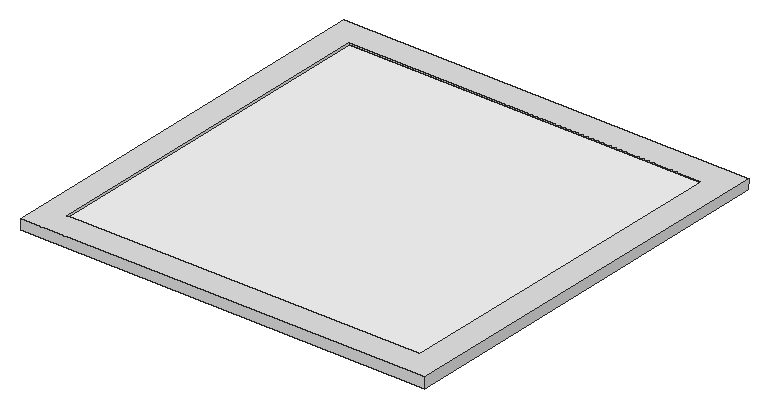
Revit family "LUXI_PANEL LIGHT_IP", category Apparecchi per illuminazione, host Superficie, Revit 2016
Family settings
  Host = Superficie
  Tipo di parte = Normale
  Quota connettore circolare = Usa diametro
  Numero OmniClass = 23.80.70.00
  Titolo OmniClass = Lighting
  Taglio con vuoti quando caricato = No
  Sorgente d'illuminazione = Sì
  Condiviso = No
  Punto di calcolo locali = Sì
Parameters (values of type "LPIP036660W840D")
  Wattage = 24.2356 W
  Vita utile = "L70B20 60.000ore"  # constant formula
  Variazione temperatura colore lampada con luminosità attenuata = <Nessuno>
  Uniclass 2015 Descrizione = "Lighting"  # constant formula
  Uniclass 2015 Codice = "EF_70_80"  # constant formula
  URL = "https://www.luxi.lighting/"
  Tipologie di installazione = "Incasso / plafone / sospensione"  # constant formula
  Temperatura di esercizio = "0°C / +40°C"  # constant formula
  built-in parameter 1150107 = 4000 (stored number, unit not read)
  Step MacAdam (SDCM) = "<4"  # constant formula
  Sorgente = "LED SMD"  # constant formula
  Sistema di illuminazione = "Luce indiretta (edge light)"  # constant formula
  Simbolo [instance] = yes
  Revisione = "3"  # constant formula
  Rendi la forma visibile nel rendering = no
  Regolazione del flusso luminoso = "1-10V / DALI / PUSH DIM"  # constant formula
  Protezione agli urti = "IK06 (1 Joule)"  # constant formula
  Prospetto di default = 2000 mm
  Produttore = "Luxi Illuminazione S.r.l."  # constant formula
  Potenza = 36 W
  Peso = 3.20 kg
  built-in parameter 1150110 = 1 (stored number, unit not read)
  built-in parameter 1150109 = 1 (stored number, unit not read)
  built-in parameter 1114218 = 1 (stored number, unit not read)
  built-in parameter 1150112 = 1 (stored number, unit not read)
  Ottiche = "Pannello diffondente opalino"  # constant formula
  OFF2 = 4 mm
  OFF1 = 38 mm
  Modello = "Serie IP | Panel Light"  # constant formula
  built-in parameter 1150137 = 1
  built-in parameter 1150132 = 2
  Materiale 3 = Lamiera Acciaio
  Materiale 2 = Alluminio Estruso_Bianco
  Materiale 1 = Tecnopolimero Opale Alta Trasmittanza
  Masterformat 2016 Descrizione = "Lighting"  # constant formula
  Masterformat 2016 Codice = "26.50.00"  # constant formula
  Lunghezza = 595 mm
  Larghezza = 595 mm
  built-in parameter 1150105 = 286.48 (stored number, unit not read)
  built-in parameter 1150102 = (empty or 0)
  Indice di resa cromatica = "≥80 (typ.)"  # constant formula
  built-in parameter 1150106 = 2.8648 (stored number, unit not read)
  IFCExportAs = "IFCLightFixtureType"  # constant formula
  OFF3 = 11 mm
  H = 15 mm
  Grado di protezione = "IP65"  # constant formula
  Garanzia = "5 anni"  # constant formula
  Lumens = 3600 lm
  Color Filter = 16777215
  File diagramma fotometrico = "LPIP036660W840D Luxi Serie IP 36W 595x595 4000K IP65.IES"
  built-in parameter 1114217 = 1 (stored number, unit not read)
  built-in parameter 1150139 = (empty or 0)
  Fattore di correzione di potenza = "≥0,95 (typ.)"  # constant formula
  Emit from Rectangle Length = Lunghezza - (2 * OFF1)  # 519 mm
  Emit from Rectangle Width = Larghezza - (2 * OFF1)  # 519 mm
  built-in parameter 1150104 = 13.8 (stored number, unit not read)
  Distanza da soffitto [instance] = 0 mm
  built-in parameter 1150115 = 1 (stored number, unit not read)
  built-in parameter 1150114 = 1 (stored number, unit not read)
  built-in parameter 1150113 = 1 (stored number, unit not read)
  Dimensioni = "595x595x15"
  Descrizione = "LED panel, elevato grado di protezione"  # constant formula
  built-in parameter 1150134 = 12
  built-in parameter 1150138 = (empty or 0)
  Colore = "Bianco"  # constant formula
  Classe di rischio fotobiologico = "Esente (RG0)"  # constant formula
  Classe di protezione = "II"  # constant formula
  Classe di efficienza energetica = "A+"  # constant formula
  Certificazioni = "CE / RohS"  # constant formula
  Carico apparente = Potenza  # 36 VA
  Articolo = "LPIP036660W840D"
  Angolo inclinazione = -90.00°
  Alimentazione = "220-240V AC / 50-60 Hz"  # constant formula
  Alimentatore = "Incluso, dimmerabile"  # constant formula
  built-in parameter 1150133 = 10 (stored number, unit not read)
Reference planes
  plane 1 "Centro (Fronte/Retro)": y = 0
  plane 2: z = 0
  plane 3 "Centro (Sinistra/Destra)": x = 0
  plane 4: y = 297.5
  plane 5: y = -297.5
  plane 6: x = 297.5
  plane 7: x = -297.5
  plane 8: y = 259.5
  plane 9: y = -259.5
  plane 10: x = 259.5
  plane 11: x = -259.5
  plane 12: z = 15
  plane 13: z = 4
  plane 14: z = 13
  plane 15: z = 5
  plane 16 "BASE": z = 0
Forms (mm)
  Extrusion 1, solid, material "Alluminio Estruso_Bianco" <- "Materiale 2"
    sketch origin (0, 0, 0) x (1, 0, 0) y (0, 1, 0)
      loop
        line (-297.5, 297.5) -> (-297.5, -297.5) -> (297.5, -297.5) -> (297.5, 297.5) -> (-297.5, 297.5)
      loop
        line (-259.5, 259.5) -> (-259.5, -259.5) -> (259.5, -259.5) -> (259.5, 259.5) -> (-259.5, 259.5)
    from 4 to 15
  Extrusion 2, solid, material "Tecnopolimero Opale Alta Trasmittanza" <- "Materiale 1"
    sketch origin (0, 0, 0) x (1, 0, 0) y (0, 1, 0)
      loop
        line (-259.5, 259.5) -> (-259.5, -259.5) -> (259.5, -259.5) -> (259.5, 259.5) -> (-259.5, 259.5)
    from 5 to 13
  Extrusion 3, solid, material "Alluminio Estruso_Bianco" <- "Materiale 2"
    sketch origin (0, 0, 0) x (1, 0, 0) y (0, 1, 0)
      loop
        line (-297.5, 297.5) -> (-297.5, -297.5) -> (297.5, -297.5) -> (297.5, 297.5) -> (-297.5, 297.5)
    from 0 to 5
Cuts and joins
  joined: Extrusion 1, Extrusion 3
Dimensions and locks
  equal spacing: plane 7, plane 3 "Centro (Sinistra/Destra)", plane 6
  equal spacing: plane 5, plane 1 "Centro (Fronte/Retro)", plane 4
  "Lunghezza": plane 7 to plane 6
  "Larghezza": plane 5 to plane 4
  "OFF1": plane 7 to plane 11
  "OFF1": plane 10 to plane 6
  "OFF1": plane 8 to plane 4
  "OFF1": plane 9 to plane 5
  "OFF3": plane 12 to plane 13
  locked: plane 12 to plane 14 at 2
  locked: plane 15 to plane 13 at 1
  "OFF2": plane 13 to plane 16 "BASE"
  "Distanza da soffitto": plane 16 "BASE" to level
  aligned and locked: plane 2 to host face
  aligned and locked: level to host face
  aligned and locked: Extrusion 1 to plane 13
  aligned and locked: plane 12 to Extrusion 1
  aligned and locked: plane 14 to Extrusion 2
  aligned and locked: plane 12 to imposter light
  aligned and locked: Extrusion 2 to plane 15
  aligned and locked: Extrusion 3 to Extrusion 2
  aligned and locked: Extrusion 3 to plane 16 "BASE"
Automatic sketch dimensions
  host sketch curve to host sketch curve = 2438.4 mm  (x2)
  Extrusion 1 sketch curve to plane 5 = 0 mm
  Extrusion 1 sketch curve to plane 7 = 0 mm
  plane 8 to Extrusion 1 sketch curve = 0 mm
  Extrusion 1 sketch curve to plane 9 = 0 mm
  Extrusion 1 sketch curve to plane 11 = 0 mm
  Extrusion 1 sketch curve to plane 10 = 0 mm
  plane 4 to Extrusion 1 sketch curve = 0 mm
  Extrusion 1 sketch curve to plane 6 = 0 mm
  plane 8 to Extrusion 2 sketch curve = 0 mm
  Extrusion 2 sketch curve to plane 11 = 0 mm
  Extrusion 2 sketch curve to plane 10 = 0 mm
  Extrusion 2 sketch curve to plane 9 = 0 mm
  Extrusion 3 sketch curve to plane 7 = 0 mm
  plane 4 to Extrusion 3 sketch curve = 0 mm
  Extrusion 3 sketch curve to plane 6 = 0 mm
  Extrusion 3 sketch curve to plane 5 = 0 mm
Nested families
  nested 1: "PanelDET" at (0, 0, 0), Largh <- "Larghezza", Lungh <- "Lunghezza", Off1 <- "OFF1", visible <- "Simbolo", type "PanelDET"
    with Off1 38 mm, Lungh 595 mm, Largh 595 mm
Connectors
  electrical at (0, 0, 4), driven by "Potenza"
    settings: on cut or joined group of Extrusion 1, Extrusion 3, index 1, voltage 230 V, apparent load 0 VA, apparent load phase1 36 VA, apparent load phase2 0 VA, apparent load phase3 0 VA, power factor 1, load classification "Altro", number of poles 1, system type 31, power factor state 1, is connector primary yes, connector utility no, sub classification motor no, connector description ""
Definition of nested family "PanelDET"
  Parameters (values of type "PanelDET")
    Off1 [instance] = 93.635 mm
    Lungh [instance] = 1078.827 mm
    Largh [instance] = 899.656 mm
  Reference planes
    plane 1 "Centro (Fronte/Retro)": y = 0
    plane 2: z = 0
    plane 3 "Centro (Sinistra/Destra)": x = 0
  Lines and regions (mm)
    detail lines, in view "Livello rif."
      curve 1: line (-539.414, 449.828, 0) -> (539.414, 449.828, 0)
      curve 2: line (-539.414, -449.828, 0) -> (-539.414, 449.828, 0)
      curve 3: line (539.414, -449.828, 0) -> (-539.414, -449.828, 0)
      curve 4: line (539.414, 449.828, 0) -> (539.414, -449.828, 0)
      curve 5: line (-445.779, 356.193, 0) -> (445.779, 356.193, 0)
      curve 6: line (-445.779, -356.193, 0) -> (-445.779, 356.193, 0)
      curve 7: line (445.779, -356.193, 0) -> (-445.779, -356.193, 0)
      curve 8: line (445.779, 356.193, 0) -> (445.779, -356.193, 0)
  Dimensions and locks
    equal spacing: curve 2, plane 3 "Centro (Sinistra/Destra)", curve 4
    equal spacing: curve 3, plane 1 "Centro (Fronte/Retro)", curve 1
    equal spacing: curve 7, plane 1 "Centro (Fronte/Retro)", curve 5
    equal spacing: curve 6, plane 3 "Centro (Sinistra/Destra)", curve 8
    "Lungh": curve 2 to curve 4
    "Largh": curve 1 to curve 3
    "Off1": curve 5 to curve 1
    "Off1": curve 8 to curve 4
